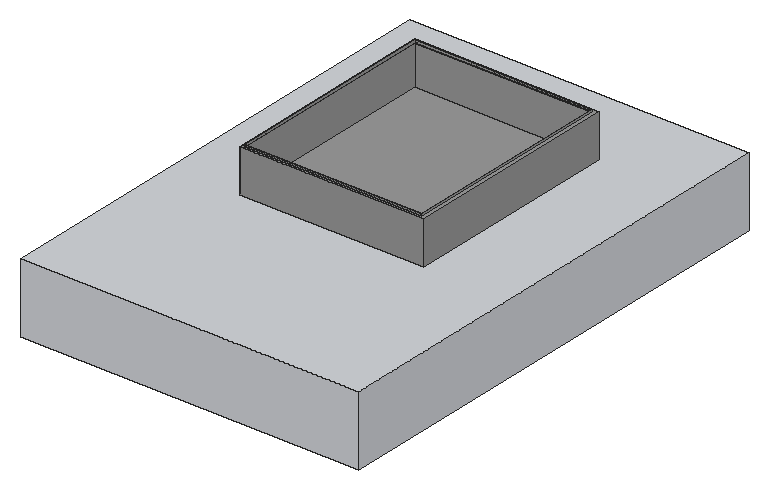
Revit family "Hager-Univers-IP30-D205-H950-Cl.II-Encl-CH-de", category Equipement électrique, Revit 2020
Family settings
  Hôte = Face
  Configuration du panneau = Deux colonnes, circuits au sein
  Cote de connecteur circulaire = Utiliser le diamètre
  Type d'élément = Tableau de raccordement
  Couper avec des vides une fois chargée = Non
  Partagée = Non
  Point de calcul de pièce = Non
Parameters (values of type "Aufputz IP30 B800 H950 T205  - FP63Q1S")
  Width Control [instance] = if([EF000008 - Breite] > Min Width, [EF000008 - Breite], Min Width)  # 800 mm
  Commentaires du type = [HG000003 - Bereich]  # "Univers"
  Thickness Door [instance] = if([EF009171 - Materialstärke Tür/Deckel] > 3 mm, 3 mm, [EF009171 - Materialstärke Tür/Deckel])  # 1 mm
  Seal Frame Offset [instance] = 17 mm  # constant formula
  Plinth Visibility [instance] = [HG000027 - Sockelhöhe] > 0 mm  # no
  Model = ""
  Min Width [instance] = 100 mm  # constant formula
  Min Height [instance] = 100 mm  # constant formula
  Min Depth [instance] = (2 * [EF009170 - Materialstärke Gehäuse]) + 1 mm  # 3 mm
  Internal Frame Depth [instance] = (Door System Depth * 0.5)  # 9 mm
  Height Control [instance] = if([EF000040 - Höhe] > Min Height, [EF000040 - Höhe], Min Height)  # 950 mm
  HG000027 - Sockelhöhe = 0 mm
  HG000026 - Stehend auf dem Boden = no
  HG000024 - Höhe des unteren Teils = 800 mm
  HG000023 - Gehäuse mit doppeltem Querschnitt = no
  HG000016 - 3D-Türsichtbarkeit [instance] = yes
  HG000015 - Sichtbarkeit der Türöffnung [instance] = no
  HG000014 - Tür rechts [instance] = yes
  HG000013 - Tür links [instance] = not([HG000014 - Tür rechts])  # no
  HG000012 - Türschwenkwinkel [instance] = 30.00°
  HG000010 - Asymmetrische Türen = no
  HG000009 - Doppelflügeligen Tür = no
  HG000006 - Unterputz = no
  HG000004 - Herstellerreferenz = "FP63Q1S"
  HG000003 - Bereich = "Univers"
  HG000002 - Mit tür = no
  Frame Offset Bottom [instance] = 10 mm  # constant formula
  Frame Offset [instance] = 15 mm  # constant formula
  EF015940 - Deckel mit Überdruckentlastung = no
  EF011959 - Schutzart (NEMA) = ""
  EF009554 - Anzahl der Öffnungen für Flanschplatten = 6
  Fabricant = "Hager"  # constant formula
  EF009212 - Ausführung Deckel = "EV009916 - mit Ausschnitt"
  EF009171 - Materialstärke Tür/Deckel = 1 mm
  EF009170 - Materialstärke Gehäuse = 1 mm
  EF008873 - Nennstrom (In) = 250 A
  EF007800 - Geeignet für Blitzschutz = no
  EF006306 - Mit Schloss = no
  EF006244 - Transparenter Deckel/Tür = no
  EF005474 - Schutzart (IP) = "EV006410 - IP30"
  EF004464 - Art der Tür = "EV000494 - ohne"
  EF004427 - Anzahl der Module = 216
  EF004293 - Schlagfestigkeit = "EV006813 - IK07"
  EF003532 - Geeignet für Außengebrauch = no
  EF002950 - Breite in Teilungseinheiten = 36
  EF001613 - Funktionserhalt = "EV000494 - ohne"
  EF001596 - Werkstoff des Gehäuses = "EV000179 - Stahl"
  EF001131 - Innentiefe = 130 mm
  EF001088 - Anbaumöglichkeit = yes
  EF000437 - Anzahl der Leitungseinführungen = 6
  EF000339 - Art der Abdeckung = "EV000494 - ohne"
  EF000266 - Anzahl der Reihen = 6
  EF000218 - Einbautiefe = 0 mm
  EF000118 - Mit Montageplatte = no
  EF000116 - RAL-Nummer = "9010"
  EF000049 - Tiefe = 205 mm
  EF000040 - Höhe = 950 mm
  EF000008 - Breite = 800 mm
  EF000007 - Farbe = "EV000202 - weiß"
  EF000003 - Montageart = "EV000384 - Aufputz"
  Door System Leaf Tolerance [instance] = 1.5 mm  # constant formula
  Door System Depth [instance] = 18 mm  # constant formula
  Door Height [instance] = Height Control - [HG000027 - Sockelhöhe]  # 950 mm
  Depth Control [instance] = if([EF000049 - Tiefe] > Min Depth, [EF000049 - Tiefe], Min Depth)  # 205 mm
  Default Elevation = 0 mm
  Connector Offset [instance] = Height Control / 2  # 475 mm
  Bottom Top Plate Trim [instance] = 1.5 mm  # constant formula
  Plinth height Ctrl [instance] = if([HG000027 - Sockelhöhe] > 0 mm, [HG000027 - Sockelhöhe], 12 mm)  # 12 mm
Types (5, lengths in mm): name | Width Control | HG000004 - Herstellerreferenz | EF009554 - Anzahl der Öffnungen für Flanschplatten | EF004427 - Anzahl der Module | EF002950 - Breite in Teilungseinheiten | EF000437 - Anzahl der Leitungseinführungen | EF000008 - Breite
  Aufputz IP30 B1050 H950 T205  - FP64Q1S | 1050 | "FP64Q1S" | 8 | 288 | 48 | 8 | 1050
  Aufputz IP30 B1300 H950 T205  - FP65Q1S | 1300 | "FP65Q1S" | 10 | 360 | 60 | 10 | 1300
  Aufputz IP30 B300 H950 T205  - FP61Q1S | 300 | "FP61Q1S" | 2 | 72 | 12 | 2 | 300
  Aufputz IP30 B550 H950 T205  - FP62Q1S | 550 | "FP62Q1S" | 4 | 144 | 24 | 4 | 550
  Aufputz IP30 B800 H950 T205  - FP63Q1S | 800 | "FP63Q1S" | 6 | 216 | 36 | 6 | 800
Reference planes
  plane 1 "Center (Front/Back)": y = 0
  plane 2: z = 0
  plane 3 "Center (Left/Right)": x = 0
  plane 4: z = 205
  plane 5: y = 1
  plane 6: y = 475
  plane 7: y = 0
  plane 8: y = 950
  plane 9: z = 0
  plane 10: x = -385
  plane 11: x = 385
  plane 12: x = 384
  plane 13: x = -384
  plane 14: y = 949
  plane 15: x = -383
  plane 16: x = -400
  plane 17: x = 383
  plane 18: x = 400
  plane 19: x = 399
  plane 20: x = -399
  plane 21: y = 11
  plane 22: y = 950
  plane 23: y = 934
  plane 24: z = 187
  plane 25: z = 1
  plane 26: z = 186
  plane 27: z = 204
Forms (mm)
  Extrusion 1, solid
    sketch origin (0, 0, 0) x (1, 0, 0) y (0, 1, 0)
      loop
        line (-702.964, 1305) -> (-702.964, -811.445) -> (766.763, -811.445) -> (766.763, 1305) -> (-702.964, 1305)
    from 0 to -304.8
  Extrusion 2, solid, material "Hager_Steel_RAL7035_Light_Grey", visible <- "Plinth Visibility", detail levels medium+fine
    sketch origin (0, 0, 0) x (1, 0, 0) y (0, 1, 0)
      loop
        line (-400, 0) -> (400, 0) -> (400, 12) -> (-400, 12) -> (-400, 0)
    from 0 to 187
  Extrusion 3, solid, material "Hager_Steel_RAL7035_Light_Grey", detail levels medium+fine
    sketch origin (0, 0, 0) x (1, 0, 0) y (0, 1, 0)
      loop
        line (-400, 0) -> (400, 0) -> (400, 950) -> (-400, 950) -> (-400, 0)
    from 0 to 187
  Extrusion 4, void
    sketch origin (0, 0, 0) x (1, 0, 0) y (0, 1, 0)
      loop
        line (-399, 1) -> (399, 1) -> (399, 949) -> (-399, 949) -> (-399, 1)
    from 1 to 186
  Extrusion 5, void
    sketch origin (-381.607, -4572, 187) x (0, -1, 0) y (-1, 0, 0)
      loop
        line (-4583, 2.393) -> (-5506, 2.393) -> (-5506, -765.607) -> (-4583, -765.607) -> (-4583, 2.393)
    from 0 to 1 <- "EF009170 - Materialstärke Gehäuse"
  Extrusion 6, solid, material "Hager_Steel_RAL7035_Light_Grey", detail levels fine
    sketch origin (0, 0, 187) x (1, 0, 0) y (0, 1, 0)
      loop
        line (-384, 934) -> (-384, 11) -> (384, 11) -> (384, 934) -> (-384, 934)
      loop
        line (-385, 10) -> (385, 10) -> (385, 935) -> (-385, 935) -> (-385, 10)
    from 0 to 9 <- "Internal Frame Depth"
  Extrusion 7, solid, material "Hager_Steel_RAL7035_Light_Grey", detail levels coarse
    sketch origin (0, 0, 0) x (1, 0, 0) y (0, 1, 0)
      loop
        line (-400, 0) -> (400, 0) -> (400, 950) -> (-400, 950) -> (-400, 0)
    from 0 to 205
  Sweep 8, void
    path in 3D
      loop
        line (-400, 12, 0) -> (400, 12, 0) -> (400, 12, 187) -> (-400, 12, 187) -> (-400, 12, 0)
    profile origin (-400, 12, 93.5) x (-1, 0, 0) y (0, -1, 0)
      loop
        line (0, 0) -> (0, 1.5) -> (-1.5, 1.5)
        arc (-1.5, 1.5) -> (-1.061, 0.439) -> (0, 0) r 1.5
Cuts and joins
  Extrusion 4, Extrusion 5 cuts Extrusion 3
  Sweep 8 cuts Extrusion 2
Lines and regions (mm)
  Masking region 1
    outline origin (0, 0, 0) x (1, 0, 0) y (0, 0, 1)
      loop
        line (-400, 205) -> (-400, 0) -> (400, 0) -> (400, 205) -> (-400, 205)
  Masking region 2, detail levels medium+fine
    outline origin (0, 140, 0) x (0, 1, 0) y (0, 0, 1)
      loop
        line (-140, 0) -> (810, 0) -> (810, 187) -> (-140, 187) -> (-140, 0)
  Masking region 3, not visible, detail levels medium+fine
    outline origin (0, 297.922, 0) x (0, 1, 0) y (0, 0, 1)
      loop
        line (188.578, 0) -> (228.578, 0) -> (228.578, 194)
        arc (228.578, 194) -> (225.649, 201.071) -> (218.578, 204) r 10
        line (218.578, 204) -> (188.578, 204) -> (188.578, 0)
  Masking region 4, detail levels coarse
    outline origin (0, 0, 180) x (0, 1, 0) y (0, 0, 1)
      loop
        line (0, -180) -> (950, -180) -> (950, 25) -> (0, 25) -> (0, -180)
  Masking region 5, visible <- "Plinth Visibility", detail levels medium+fine
    outline origin (0, 52.24, 12.345) x (0, 0, -1) y (0, 1, 0)
      loop
        line (10.845, -40.24) -> (-173.155, -40.24)
        arc (-173.155, -40.24) -> (-173.594, -41.301) -> (-174.655, -41.74) r 1.5
        line (-174.655, -41.74) -> (-174.655, -52.24) -> (12.345, -52.24) -> (12.345, -41.74)
        arc (12.345, -41.74) -> (11.285, -41.301) -> (10.845, -40.24) r 1.5
  Masking region 6, detail levels medium+fine
    outline origin (-381.607, -4572, 187) x (-1, 0, 0) y (0, -1, 0)
      loop
        line (18.393, -5522) -> (18.393, -4572) -> (-781.607, -4572) -> (-781.607, -5522) -> (18.393, -5522)
  Masking region 7, visible <- "Plinth Visibility", detail levels medium+fine
    outline origin (-381.607, -4727, 187) x (-1, 0, 0) y (0, -1, 0)
      loop
        arc (16.893, -4739) -> (17.332, -4737.939) -> (18.393, -4737.5) r 1.5
        line (18.393, -4737.5) -> (18.393, -4727) -> (-781.607, -4727) -> (-781.607, -4737.5)
        arc (-781.607, -4737.5) -> (-780.546, -4737.939) -> (-780.107, -4739) r 1.5
        line (-780.107, -4739) -> (16.893, -4739)
  Masking region 8, detail levels coarse
    outline origin (-442.548, -4669.526, 187) x (-1, 0, 0) y (0, -1, 0)
      loop
        line (-42.548, -5619.526) -> (-42.548, -4669.526) -> (-842.548, -4669.526) -> (-842.548, -5619.526) -> (-42.548, -5619.526)
  sketch lines
    curve 1: line (-400, 12, 187) -> (-400, 12, 0)
    curve 2: line (400, 12, 187) -> (-400, 12, 187)
    curve 3: line (400, 12, 187) -> (400, 12, 0)
    curve 4: line (-400, 12, 0) -> (400, 12, 0)
Dimensions and locks
  "Depth Control": plane 4 to Extrusion 1
  "HG000027 - Sockelhöhe": plane 1 "Center (Front/Back)" to plane 7
  "EF009170 - Materialstärke Gehäuse": plane 5 to plane 7
  locked: connector elem to plane 3 "Center (Left/Right)"
  equal spacing: plane 8, plane 6, plane 7
  locked: connector elem to plane 6
  "EF009170 - Materialstärke Gehäuse": plane 8 to plane 14
  "EF009170 - Materialstärke Gehäuse": plane 10 to plane 13
  "EF009170 - Materialstärke Gehäuse": plane 12 to plane 11
  "Frame Offset": plane 20 to plane 13
  "Frame Offset": plane 12 to plane 19
  "EF009170 - Materialstärke Gehäuse": plane 16 to plane 20
  "EF009170 - Materialstärke Gehäuse": plane 19 to plane 18
  "Seal Frame Offset": plane 16 to plane 15
  "Seal Frame Offset": plane 17 to plane 18
  "Frame Offset Bottom": plane 21 to plane 5
  "Frame Offset": plane 14 to plane 23
  equal spacing: plane 16, plane 3 "Center (Left/Right)", plane 18
  "Width Control": plane 16 to plane 18
  "EF009170 - Materialstärke Gehäuse": plane 4 to plane 27
  "EF009170 - Materialstärke Gehäuse": plane 24 to plane 26
  "EF009170 - Materialstärke Gehäuse": plane 25 to level
  "Door System Depth": plane 4 to plane 24
  "Height Control": plane 1 "Center (Front/Back)" to Extrusion 7 sketch curve
  "Height Control": Masking region 4 sketch curve to plane 1 "Center (Front/Back)"
  "Height Control": plane 1 "Center (Front/Back)" to plane 22
  "Bottom Top Plate Trim": profile plane to Sweep 8 sketch curve
  "Bottom Top Plate Trim": Sweep 8 sketch curve to profile plane
  "Plinth height Ctrl": plane 1 "Center (Front/Back)" to Extrusion 2 sketch curve
  "Plinth height Ctrl": Masking region 5 sketch curve to plane 1 "Center (Front/Back)"
  "Plinth height Ctrl": plane 1 "Center (Front/Back)" to Masking region 7 sketch curve
  "Thickness Door": Extrusion 6 sketch curve to Extrusion 6 sketch curve  (x3)
  "Thickness Door": cut or joined group of Extrusion 3, Extrusion 4, Extrusion 5 to Extrusion 6 sketch curve
  radius of Masking region 3 sketch curve = 10 mm
  "Bottom Top Plate Trim": radius of Masking region 5 sketch curve  (x2)
  "Bottom Top Plate Trim": radius of Sweep 8 sketch curve
  "Bottom Top Plate Trim": radius of Masking region 7 sketch curve  (x2)
  aligned and locked: plane 2 to Extrusion 1
  aligned and locked: level to Extrusion 1
  aligned and locked: level to Masking region 1 sketch curve
  aligned and locked: Masking region 1 sketch curve to plane 18
  aligned and locked: Masking region 1 sketch curve to plane 16
  aligned and locked: plane 7 to Masking region 2 sketch curve
  aligned and locked: level to Masking region 3 sketch curve
  aligned and locked: Masking region 3 sketch curve to plane 27
  aligned and locked: level to Masking region 2 sketch curve
  aligned and locked: plane 1 "Center (Front/Back)" to Extrusion 2 sketch curve
  aligned and locked: Extrusion 3 sketch curve to plane 7
  aligned and locked: plane 16 to Extrusion 3 sketch curve
  aligned and locked: plane 18 to Extrusion 3 sketch curve
  aligned and locked: plane 20 to Extrusion 4 sketch curve
  aligned and locked: plane 19 to Extrusion 4 sketch curve
  aligned and locked: Extrusion 4 sketch curve to plane 5
  aligned and locked: Extrusion 4 to plane 25
  aligned and locked: plane 26 to Extrusion 4
  aligned and locked: plane 24 to Extrusion 3
  aligned and locked: Extrusion 5 sketch curve to plane 21
  aligned and locked: Extrusion 5 sketch curve to plane 13
  aligned and locked: Extrusion 5 sketch curve to plane 12
  aligned and locked: plane 18 to Extrusion 7 sketch curve
  aligned and locked: plane 1 "Center (Front/Back)" to Extrusion 7 sketch curve
  aligned and locked: plane 16 to Extrusion 7 sketch curve
  aligned and locked: plane 4 to Extrusion 7
  aligned and locked: Extrusion 7 to level
  aligned and locked: level to Masking region 4 sketch curve
  aligned and locked: Masking region 4 sketch curve to plane 1 "Center (Front/Back)"
  aligned and locked: Masking region 4 sketch curve to plane 4
  aligned and locked: nested 1 to level
  aligned and locked: nested 1 to plane 16
  aligned and locked: plane 8 to Extrusion 3 sketch curve
  aligned and locked: plane 23 to Extrusion 5 sketch curve
  aligned and locked: plane 14 to Extrusion 4 sketch curve
  aligned and locked: Masking region 2 sketch curve to plane 8
  aligned and locked: level to Masking region 5 sketch curve
  aligned and locked: plane 16 to Extrusion 2 sketch curve
  aligned and locked: plane 18 to Extrusion 2 sketch curve
  aligned and locked: Masking region 5 sketch curve to plane 24
  aligned and locked: Masking region 2 sketch curve to plane 24
  aligned and locked: plane 24 to Extrusion 2
  aligned and locked: profile plane to Sweep 8 sketch curve  (x2)
  aligned and locked: Masking region 6 sketch curve to plane 18
  aligned and locked: Masking region 6 sketch curve to plane 22
  aligned and locked: Masking region 6 sketch curve to plane 16
  aligned and locked: plane 8 to plane 22
  aligned and locked: Masking region 6 sketch curve to plane 7
  aligned and locked: Masking region 7 sketch curve to plane 16
  aligned and locked: Masking region 7 sketch curve to plane 1 "Center (Front/Back)"
  aligned and locked: Masking region 7 sketch curve to plane 18
  aligned and locked: Masking region 8 sketch curve to plane 1 "Center (Front/Back)"
  aligned and locked: Masking region 8 sketch curve to plane 18
  aligned and locked: Masking region 8 sketch curve to plane 22
  aligned and locked: Masking region 8 sketch curve to plane 16
  aligned and locked: nested 2 to plane 7
  aligned and locked: plane 3 "Center (Left/Right)" to nested 2
  aligned and locked: nested 2 to plane 24
  aligned and locked: Extrusion 6 sketch curve to cut or joined group of Extrusion 3, Extrusion 4, Extrusion 5  (x4)
Automatic sketch dimensions
  Extrusion 1 sketch curve to Extrusion 1 sketch curve = 1469.727 mm
  Extrusion 1 sketch curve to Extrusion 1 sketch curve = 2116.445 mm
  Masking region 1 sketch curve to plane 4 = 0 mm
  plane 6 to Masking region 3 sketch curve = 11.5 mm
  Masking region 3 sketch curve to Masking region 3 sketch curve = 30 mm
  Masking region 5 sketch curve to plane 1 "Center (Front/Back)" = 0 mm
Nested families
  nested 1: "Hager_Enclosure_Symbol" at (-400, 0, 0) x (1, 0, 0) z (0, -1, 0), Height <- "Depth Control", Width <- "Width Control", type "Hager_Enclosure_Symbol"
    with Width_Ctrl 800 mm, Width 800 mm, Height_Ctrl 205 mm, Height 205 mm, A_Width_Int 13.453 mm, A_Width 161.438 mm, A_Height_Ctrl 179.375 mm, A_Height 179.375 mm
  nested 2: "EC000058_Univers_Door" at (0, 0, 187) x (1, 0, 0) z (0, 1, 0), Leaf_Tolerance <- "Door System Leaf Tolerance", Angle <- "HG000012 - Türschwenkwinkel", Door_Depth <- "Door System Depth", Door_Left <- "HG000013 - Tür links", Transparent <- "EF006244 - Transparenter Deckel/Tür", Assymetrical <- "HG000010 - Asymmetrische Türen", Width <- "Width Control", Clearance <- "HG000015 - Sichtbarkeit der Türöffnung", Double <- "HG000009 - Doppelflügeligen Tür", 3d_Door <- "HG000016 - 3D-Türsichtbarkeit", Lock_Visibility <- "EF006306 - Mit Schloss", Width_Ctrl <- "Width Control", Door_Right <- "HG000014 - Tür rechts", Door <- "HG000002 - Mit tür", Height <- "Door Height", Thickness <- "Thickness Door", type "EC000058_Univers_Door", detail levels medium+fine
    with min_wh 3 mm, Width_Ctrl 800 mm, Width 800 mm, Transparent no, Thickness 1 mm, Seal_Material Hager_Rubber, Lock_Visibility no, Lock_Material Hager_Plastic_RAL9005_Jet_Black, Leaf_Width 800 mm, Leaf_Tolerance_External_Sides 0 mm, Leaf_Tolerance 1.5 mm, Leaf_Offset 0 mm, Leaf_Height 947 mm, Leaf_2_Width 800 mm, Leaf_2_Offset 400 mm, Leaf_1_Width 800 mm, Leaf_1_Offset 400 mm, Height_Ctrl 950 mm, Height 950 mm, Glass_Material Hager_Glass, Double_Clearance_Ctrl no, Double no, Door_Right_Ctrl no, Door_Right yes, Door_Material Hager_Steel_RAL7035_Light_Grey, Door_Left_Ctrl no, Door_Left no, Door_Depth 18 mm, Door no, Clearance_Material Hager_Clearance, Clearance_Depth 800 mm, Clearance_Ctrl no, Clearance no, Assymetrical no, Angle 30.00°, 3d_Door yes
Connectors
  electrical at (0, 475, 0)
    settings: on plane 9, index 1, voltage 0 V, apparent load 0 VA, apparent load phase1 0 VA, apparent load phase2 0 VA, apparent load phase3 0 VA, power factor 1, load classification "Other", number of poles 1, system type 30, power factor state 1, is connector primary yes, connector utility no, sub classification motor no, connector description ""
Definition of nested family "Hager_Enclosure_Symbol"
  Parameters (values of type "Hager_Enclosure_Symbol")
    Width_Ctrl [instance] = if(Width > 1 mm, Width, 1 mm)  # 102.27 mm
    Width [instance] = 102.27 mm
    Height_Ctrl [instance] = if(Height > 1 mm, Height, 1 mm)  # 66.5 mm
    A_Width_Int [instance] = if(A_Width / 12 > 2 mm, A_Width / 12, 2 mm)  # 4.364 mm
    A_Width [instance] = if(A_Height_Ctrl * 0.9 > 2 mm, A_Height_Ctrl * 0.9, 2 mm)  # 52.369 mm
    A_Height_Ctrl [instance] = if(A_Height > 2 mm, A_Height, 2 mm)  # 58.188 mm
    Height [instance] = 66.5 mm
    A_Height [instance] = Height - (Height / 8)  # 58.188 mm
  Reference planes
    plane 1 "Centre (avant/arrière)": y = 0
    plane 2: z = 0
    plane 3 "Centre (gauche/droite)": x = 0
    plane 4: x = 52.369
    plane 5: y = 33.042
    plane 6: y = 41.77
    plane 7: y = 66.5
    plane 8: x = 26.184
    plane 9: y = 37.406
    plane 10: x = 102.27
    plane 11: y = 66.5
    plane 12: y = 8.313
  Lines and regions (mm)
    Filled region 1, type "Solid_Black", in view "Niveau de réf."
      outline origin (0, 0, 0) x (1, 0, 0) y (0, 1, 0)
        loop
          line (52.369, 66.5) -> (33.188, 54.536) -> (45.365, 45.006) -> (52.369, 66.5)
    Filled region 2, type "Solid_Black", in view "Niveau de réf."
      outline origin (0, 0, 0) x (1, 0, 0) y (0, 1, 0)
        loop
          line (0, 0) -> (102.27, 0) -> (102.27, 66.5) -> (0, 0)
    detail lines, in view "Niveau de réf."
      curve 1: line (0, 8.313, 0) -> (26.184, 41.77, 0)
      curve 2: line (26.184, 41.77, 0) -> (26.184, 33.042, 0)
      curve 3: line (26.184, 33.042, 0) -> (52.369, 66.5, 0)
  Dimensions and locks
    "A_Width": plane 3 "Centre (gauche/droite)" to plane 4
    equal spacing: plane 3 "Centre (gauche/droite)", plane 8, plane 4
    equal spacing: plane 6, plane 9, plane 5
    equal spacing: curve 3, Filled region 1 sketch curve, Filled region 1 sketch curve
    "Height_Ctrl": plane 1 "Centre (avant/arrière)" to plane 11
    "A_Height_Ctrl": plane 11 to plane 12
    equal spacing: plane 11, plane 9, plane 12
    "A_Width_Int": plane 6 to plane 9
    "Width_Ctrl": plane 3 "Centre (gauche/droite)" to plane 10
    angle Filled region 1 sketch curve to curve 3 = 20.00°
    angle curve 3 to Filled region 1 sketch curve = 20.00°
    locked: curve 3 to Filled region 1 sketch curve (angle 90.00°)
    aligned and locked: plane 10 to Filled region 2
    aligned and locked: plane 11 to Filled region 2 sketch curve
    aligned and locked: plane 10 to Filled region 2 sketch curve
    aligned and locked: plane 3 "Centre (gauche/droite)" to curve 1
    aligned and locked: plane 12 to curve 1
    aligned and locked: plane 7 to plane 11
  Automatic sketch dimensions
    Filled region 1 sketch curve to plane 4 = 0 mm
    Filled region 1 sketch curve to plane 7 = 0 mm
    plane 1 "Centre (avant/arrière)" to Filled region 2 sketch curve = 0 mm
    Filled region 2 sketch curve to plane 3 "Centre (gauche/droite)" = 0 mm
    curve 2 to plane 6 = 0 mm
    curve 2 to plane 8 = 0 mm
    curve 3 to plane 4 = 0 mm
    curve 2 to plane 5 = 0 mm
    curve 3 to plane 7 = 0 mm
Definition of nested family "EC000058_Univers_Door"
  Parameters (values of type "EC000058_Univers_Door")
    min_wh [instance] = (2 * Thickness) + 1 mm  # 11 mm
    Width_Ctrl [instance] = 400 mm
    Width [instance] = 500 mm
    Transparent [instance] = yes
    Thickness [instance] = 5 mm
    Seal_Material [instance] = none
    Lock_Visibility [instance] = yes
    Lock_Material [instance] = none
    Leaf_Width [instance] = if((Width_Ctrl - 2 * Leaf_Tolerance_External_Sides) > 0 mm, (Width_Ctrl - 2 * Leaf_Tolerance_External_Sides), min_wh)  # 400 mm
    Leaf_Tolerance_External_Sides [instance] = 0 mm  # constant formula
    Leaf_Tolerance [instance] = 1.5 mm
    Leaf_Offset [instance] = 0 mm  # constant formula
    Leaf_Height [instance] = if((Height_Ctrl - 2 * Leaf_Tolerance) > 0 mm, (Height_Ctrl - 2 * Leaf_Tolerance), min_wh)  # 497 mm
    Leaf_2_Width [instance] = if(and(and(Double, Assymetrical), Door_Left), (Leaf_Width / 3) - (Leaf_Tolerance / 2), if(and(and(Double, Assymetrical), Door_Right), (Leaf_Width / 3) * 2 - (Leaf_Tolerance / 2), if(and(Double, not(Assymetrical)), (Leaf_Width / 2) - Leaf_Tolerance, Leaf_Width)))  # 400 mm
    Leaf_2_Offset [instance] = if(and(Double, Assymetrical), Leaf_2_Width / 2, if(and(Double, not(Assymetrical)), Leaf_Width / 4, Leaf_Width / 2))  # 200 mm
    Leaf_1_Width [instance] = if(and(and(Double, Assymetrical), Door_Right), (Leaf_Width / 3) - (Leaf_Tolerance / 2), if(and(and(Double, Assymetrical), Door_Left), (Width / 3) * 2 - (Leaf_Tolerance / 2), if(and(Double, not(Assymetrical)), (Leaf_Width / 2) - Leaf_Tolerance, Leaf_Width)))  # 400 mm
    Leaf_1_Offset [instance] = if(and(Double, Assymetrical), Leaf_1_Width / 2, if(and(Double, not(Assymetrical)), Leaf_Width / 4, Leaf_Width / 2))  # 200 mm
    Height_Ctrl [instance] = if(Height > min_wh, Height, min_wh)  # 500 mm
    Height [instance] = 500 mm
    Glass_Material [instance] = none
    Double_Clearance_Ctrl [instance] = and(Double, Clearance)  # no
    Double [instance] = no
    Door_Right_Ctrl [instance] = and(or(Door_Right, Double), Door)  # yes
    Door_Right [instance] = yes
    Door_Material [instance] = none
    Door_Left_Ctrl [instance] = and(or(Door_Left, Double), Door)  # no
    Door_Left [instance] = no
    Door_Depth [instance] = 30 mm
    Door [instance] = yes
    Default Elevation = 1219.2 mm
    Clearance_Material [instance] = none
    Clearance_Depth [instance] = if(Leaf_1_Width > Leaf_2_Width, Leaf_1_Width, Leaf_2_Width)  # 400 mm
    Clearance_Ctrl [instance] = and(not(Double), Clearance)  # yes
    Clearance [instance] = yes
    Assymetrical [instance] = yes
    Angle [instance] = 30.00°
    3d_Door [instance] = yes
  Reference planes
    plane 1 "Center (Front/Back)": y = 0
    plane 2 "Bottom": z = 0
    plane 3 "Center (Left/Right)": x = 0
    plane 4: z = 500
    plane 5: x = -200
    plane 6: x = 200
    plane 7: z = 500
    plane 8: x = -200
    plane 9: z = 0
    plane 10: x = 200
    plane 11: y = 0
    plane 12: z = 1.5
    plane 13: x = -600
    plane 14: y = -400
    plane 15: x = 600
    plane 16: x = 0
    plane 17: x = 0
    plane 18: x = -200
    plane 19: x = 200
    plane 20: z = 498.5
  Forms (mm)
    Extrusion 1, solid, material <- "Clearance_Material", visible <- "Double_Clearance_Ctrl"
      sketch origin (1200, 0, 0) x (1, 0, 0) y (0, 0, -1)
        loop
          line (-1800, -498.5) -> (-600, -498.5) -> (-600, 0) -> (-1800, 0) -> (-1800, -498.5)
      from 0 to -400
  Dimensions and locks
    equal spacing: plane 5, plane 3 "Center (Left/Right)", plane 6
    "Width_Ctrl": plane 5 to plane 6
    "Leaf_Offset": plane 5 to plane 8
    "Leaf_Offset": plane 6 to plane 10
    "Leaf_Offset": plane 9 to level
    "Leaf_Offset": plane 4 to plane 7
    "Height_Ctrl": plane 4 to level
    "Leaf_Tolerance": plane 12 to plane 9
    locked: plane 11 to plane 1 "Center (Front/Back)"
    "Leaf_1_Offset": plane 18 to plane 16
    "Leaf_2_Offset": plane 17 to plane 19
    "Leaf_1_Width": plane 13 to plane 8
    "Leaf_2_Width": plane 10 to plane 15
    "Clearance_Depth": plane 14 to plane 1 "Center (Front/Back)"
    "Leaf_Tolerance_External_Sides": plane 8 to plane 18
    "Leaf_Tolerance_External_Sides": plane 19 to plane 10
    "Leaf_Tolerance": plane 7 to plane 20
    aligned and locked: level to plane 2 "Bottom"
    aligned and locked: nested 1 to plane 16
    aligned and locked: nested 2 to plane 17
    aligned and locked: Extrusion 1 to plane 13
    aligned and locked: plane 15 to Extrusion 1
    aligned and locked: Extrusion 1 to plane 14
    aligned and locked: plane 12 to nested 1
    aligned and locked: nested 2 to plane 12
    aligned and locked: Extrusion 1 to plane 11
    aligned and locked: plane 20 to Extrusion 1
    aligned and locked: nested 2 to plane 11
    aligned and locked: nested 1 to plane 11
  Automatic sketch dimensions
    Extrusion 1 sketch curve to level = 0 mm
    plane 5 to Extrusion 1 sketch curve = 400 mm
    plane 6 to Extrusion 1 sketch curve = 400 mm
    Extrusion 1 sketch curve to plane 4 = 1.5 mm
  Nested families
    nested 1: "EC000058_Univers_Door_Leaf" at (0, 0, 1.5), Width <- "Leaf_1_Width", visible <- "Door_Left_Ctrl", Leaf_Height <- "Leaf_Height", Angle <- "Angle", 3d_Door <- "3d_Door", Transparent <- "Transparent", Clearance Material <- "Clearance_Material", Clearance <- "Clearance_Ctrl", Door_Material <- "Door_Material", Glass_Material <- "Glass_Material", Door_Depth <- "Door_Depth", Lock_Material <- "Lock_Material", Seal_Material <- "Seal_Material", Lock_Visibility <- "Lock_Visibility", Thickness <- "Thickness", type "EC000058_Univers_Door_Leaf"
      with Width 400 mm, Transparent_Glass_Offset 30 mm, Transparent_Ctrl yes, Transparent yes, Thickness 5 mm, Standard no, Seal_Material none, Seal_D2 8 mm, Seal_D1 1 mm, Offset_Internal_Frame 10 mm, Lock_Width 20 mm, Lock_Visibility_3d yes, Lock_Visibility yes, Lock_Thickness_3 3 mm, Lock_Thickness_2 1 mm, Lock_Thickness_1 3 mm, Lock_Radius_Offset_2 16 mm, Lock_Radius_Offset_1 15 mm, Lock_Radius_2 5 mm, Lock_Radius 6 mm, Lock_Offset 5 mm, Lock_Material none, Lock_Height 80 mm, Lock_Cover_Top_Offset_2d 17 mm, Lock_Cover_Height -65 mm, Leaf_Height 497 mm, Internal_Seal_Thickness 8 mm, Internal_Seal_Depth_2 4.5 mm, Internal_Frame_Depth 25 mm, Glass_Thickness -1 mm, Glass_Offset -2 mm, Glass_Material none, Door_Material none, Door_Depth 30 mm, Clearance Material none, Clearance yes, Angle_Ctrl 30.00°, Angle 30.00°, 3d_Door yes
    nested 2: "EC000058_Univers_Door_Leaf" at (0, 0, 1.5) x (-1, 0, 0) z (0, 0, 1), Width <- "Leaf_2_Width", visible <- "Door_Right_Ctrl", Leaf_Height <- "Leaf_Height", Angle <- "Angle", 3d_Door <- "3d_Door", Transparent <- "Transparent", Clearance Material <- "Clearance_Material", Clearance <- "Clearance_Ctrl", Door_Material <- "Door_Material", Glass_Material <- "Glass_Material", Door_Depth <- "Door_Depth", Lock_Material <- "Lock_Material", Seal_Material <- "Seal_Material", Lock_Visibility <- "Lock_Visibility", Thickness <- "Thickness", type "EC000058_Univers_Door_Leaf"
      with Width 400 mm, Transparent_Glass_Offset 30 mm, Transparent_Ctrl yes, Transparent yes, Thickness 5 mm, Standard no, Seal_Material none, Seal_D2 8 mm, Seal_D1 1 mm, Offset_Internal_Frame 10 mm, Lock_Width 20 mm, Lock_Visibility_3d yes, Lock_Visibility yes, Lock_Thickness_3 3 mm, Lock_Thickness_2 1 mm, Lock_Thickness_1 3 mm, Lock_Radius_Offset_2 16 mm, Lock_Radius_Offset_1 15 mm, Lock_Radius_2 5 mm, Lock_Radius 6 mm, Lock_Offset 5 mm, Lock_Material none, Lock_Height 80 mm, Lock_Cover_Top_Offset_2d 17 mm, Lock_Cover_Height -65 mm, Leaf_Height 497 mm, Internal_Seal_Thickness 8 mm, Internal_Seal_Depth_2 4.5 mm, Internal_Frame_Depth 25 mm, Glass_Thickness -1 mm, Glass_Offset -2 mm, Glass_Material none, Door_Material none, Door_Depth 30 mm, Clearance Material none, Clearance yes, Angle_Ctrl 30.00°, Angle 30.00°, 3d_Door yes
  Definition of nested family "EC000058_Univers_Door_Leaf"
    Parameters (values of type "EC000058_Univers_Door_Leaf")
      Width [instance] = 2000 mm
      Transparent_Glass_Offset [instance] = 30 mm
      Transparent_Ctrl [instance] = and(Transparent, [3d_Door])  # yes
      Transparent [instance] = yes
      Thickness [instance] = 5 mm
      Standard [instance] = and(not(Transparent), [3d_Door])  # no
      Seal_Material [instance] = none
      Seal_D2 [instance] = 8 mm  # constant formula
      Seal_D1 [instance] = 1 mm  # constant formula
      Offset_Internal_Frame [instance] = 10 mm  # constant formula
      Lock_Width [instance] = 20 mm  # constant formula
      Lock_Visibility_3d [instance] = and(Lock_Visibility, [3d_Door])  # yes
      Lock_Visibility [instance] = yes
      Lock_Thickness_3 [instance] = 3 mm  # constant formula
      Lock_Thickness_2 [instance] = 1 mm  # constant formula
      Lock_Thickness_1 [instance] = 3 mm  # constant formula
      Lock_Radius_Offset_2 [instance] = Lock_Radius_Offset_1 + 1 mm  # 16 mm
      Lock_Radius_Offset_1 [instance] = 15 mm  # constant formula
      Lock_Radius_2 [instance] = Lock_Radius - 1 mm  # 5 mm
      Lock_Radius [instance] = 6 mm  # constant formula
      Lock_Offset [instance] = 5 mm  # constant formula
      Lock_Material [instance] = none
      Lock_Height [instance] = 80 mm  # constant formula
      Lock_Cover_Top_Offset_2d [instance] = Lock_Radius_Offset_2 + 1 mm  # 17 mm
      Lock_Cover_Height [instance] = -(Lock_Height - Lock_Radius_Offset_1)  # -65 mm
      Leaf_Height [instance] = 2720.336 mm
      Internal_Seal_Thickness [instance] = 8 mm  # constant formula
      Internal_Seal_Depth_2 [instance] = 4.5 mm  # constant formula
      Internal_Frame_Depth [instance] = if(Door_Depth - Thickness > 5 mm, Door_Depth - Thickness, 5 mm)  # 25 mm
      Glass_Thickness [instance] = if(Thickness > 15 mm, Glass_Offset + 10 mm, -1 mm)  # -1 mm
      Glass_Offset [instance] = if(Thickness > 15 mm, -(Thickness + 10 mm) / 2, -2 mm)  # -2 mm
      Glass_Material [instance] = none
      Door_Material [instance] = none
      Door_Depth [instance] = 30 mm
      Default Elevation = 0 mm
      Clearance Material [instance] = none
      Clearance [instance] = yes
      Angle_Ctrl [instance] = if(Angle > 180.00°, 180.00°, Angle)  # 90.00°
      Angle [instance] = 90.00°
      3d_Door [instance] = yes
    Reference planes
      plane 1 "Center (Front/Back)": y = 0
      plane 2: z = 0
      plane 3 "Center (Left/Right)": x = 0
      plane 4: y = 2000
      plane 5: x = -1000
      plane 6: x = 1000
      plane 7: x = -3000
      plane 8: z = 2720.336
      plane 9: z = 30
      plane 10: z = 2690.336
      plane 11: x = 970
      plane 12: x = -970
      plane 13: y = -3
      plane 14: z = 107.833
      plane 15: y = -5
      plane 16: y = -223.314
      plane 17: x = -1000
      plane 18: z = 1360.168
      plane 19: y = 30
    Forms (mm)
      Extrusion 1, solid, material <- "Clearance Material", visible <- "Clearance"
        sketch origin (0, 0, 0) x (1, 0, 0) y (0, 0, 1)
          loop
            line (-3000, 2720.336) -> (-3000, 0) -> (1000, 0) -> (1000, 2720.336) -> (-3000, 2720.336)
        from 0 to -2000
      Extrusion 2, solid, material <- "Door_Material", visible <- "Standard", detail levels medium+fine
        sketch origin (-1000, 0, 0) x (0, 1, 0) y (-1, 0, 0)
          loop
            line (0, 30) -> (0, 25) -> (2000, 25) -> (2000, 30) -> (0, 30)
        from 0 to 2720.336 <- "Leaf_Height"
      Extrusion 3, solid, material <- "Door_Material", visible <- "Transparent_Ctrl", detail levels medium+fine
        sketch origin (-1000, 0, 0) x (0, 1, 0) y (-1, 0, 0)
          loop
            line (0, 25) -> (2000, 25) -> (2000, 30) -> (0, 30) -> (0, 25)
        from 0 to 2720.336 <- "Leaf_Height"
      Extrusion 4, void
        sketch origin (-1025, 2000, 0) x (0, 1, 0) y (0, 0, -1)
          loop
            line (-30, -2690.336) -> (-30, -30) -> (-1970, -30) -> (-1970, -2690.336) -> (-30, -2690.336)
        from 0 to 5 <- "Thickness"
      Sweep 5, solid, material <- "Seal_Material", visible <- "Transparent_Ctrl", detail levels fine
        path in 3D
          loop
            line (-1025, 30, 30) -> (-1025, 30, 2690.336) -> (-1025, 1970, 2690.336) -> (-1025, 1970, 30) -> (-1025, 30, 30)
        profile origin (-1025, 1000, 30) x (1, 0, 0) y (0, 0, 1)
          loop
            line (0, 0) -> (0, -8) -> (1, -8) -> (1, 0) -> (0, 0)
      Extrusion 6, solid, material <- "Glass_Material", visible <- "Transparent_Ctrl", detail levels medium+fine
        sketch origin (-1030, 0, 0) x (0, 1, 0) y (0, 0, -1)
          loop
            line (1970, -2690.336) -> (1970, -30) -> (30, -30) -> (30, -2690.336) -> (1970, -2690.336)
        from -2 <- "Glass_Offset" to -1 <- "Glass_Thickness"
      Extrusion 7, solid, material <- "Door_Material", visible <- "3d_Door", detail levels medium+fine
        sketch origin (-1025, 2000, 0) x (0, -1, 0) y (0, 0, -1)
          loop
            line (0, -2720.336) -> (2000, -2720.336) -> (2000, 0) -> (0, 0) -> (0, -2720.336)
          loop
            line (1995, -5) -> (5, -5) -> (5, -2715.336) -> (1995, -2715.336) -> (1995, -5)
        from 0 to 25 <- "Internal_Frame_Depth"
      Sweep 8, solid, material <- "Seal_Material", visible <- "Transparent_Ctrl", detail levels fine
        path in 3D
          loop
            line (-1025, 0, 0) -> (-1025, 2000, 0) -> (-1025, 2000, 2720.336) -> (-1025, 0, 2720.336) -> (-1025, 0, 0)
        profile origin (-1025, 0, 1360.168) x (1, 0, 0) y (0, 1, 0)
          loop
            line (0, 10) -> (2.975, 10)
            arc (2.975, 10) -> (4.053, 10.447) -> (4.5, 11.525) r 1.525
            line (4.5, 11.525) -> (4.5, 16.527)
            arc (4.5, 16.527) -> (4.069, 17.569) -> (3.027, 18) r 1.473
            line (3.027, 18) -> (0, 18) -> (0, 10)
      Extrusion 9, solid, material <- "Lock_Material", visible <- "Lock_Visibility_3d", detail levels fine
        sketch origin (-1030, 0, 0) x (0, 1, 0) y (0, 0, -1)
          loop
            arc (1993.5, -1400.168) -> (1994.561, -1399.729) -> (1995, -1398.668) r 1.5
            line (1995, -1398.668) -> (1995, -1320.168) -> (1975, -1320.168) -> (1975, -1398.668)
            arc (1975, -1398.668) -> (1975.439, -1399.729) -> (1976.5, -1400.168) r 1.5
            line (1976.5, -1400.168) -> (1993.5, -1400.168)
        from 3 <- "Lock_Thickness_1" to 0
      Blend 10, solid, material <- "Lock_Material", visible <- "Lock_Visibility_3d", detail levels fine
        base sketch origin (-1033, 0, 0) x (0, 1, 0) y (0, 0, -1)
          loop
            line (1975, -1320.168) -> (1975, -1398.668)
            arc (1975, -1398.668) -> (1975.439, -1399.729) -> (1976.5, -1400.168) r 1.5
            line (1976.5, -1400.168) -> (1993.5, -1400.168)
            arc (1993.5, -1400.168) -> (1994.561, -1399.729) -> (1995, -1398.668) r 1.5
            line (1995, -1398.668) -> (1995, -1320.168) -> (1975, -1320.168)
        top sketch origin (-1033, 0, 0) x (0, 1, 0) y (0, 0, -1)
          loop
            line (1976, -1320.168) -> (1976, -1398.668)
            arc (1976, -1398.668) -> (1976.146, -1399.022) -> (1976.5, -1399.168) r 0.5
            line (1976.5, -1399.168) -> (1993.5, -1399.168)
            arc (1993.5, -1399.168) -> (1993.854, -1399.022) -> (1994, -1398.668) r 0.5
            line (1994, -1398.668) -> (1994, -1320.168) -> (1976, -1320.168)
        from 0 to 1 <- "Lock_Thickness_2"
      Blend 11, solid, material <- "Lock_Material", visible <- "Lock_Visibility_3d", detail levels fine
        base sketch origin (-1034, 0, 0) x (0, 1, 0) y (0, 0, -1)
          loop
            line (1978, -1320.168) -> (1978, -1384.168)
            arc (1978, -1384.168) -> (1985, -1391.168) -> (1992, -1384.168) r 7
            line (1992, -1384.168) -> (1992, -1320.168) -> (1978, -1320.168)
        top sketch origin (-1034, 0, 0) x (0, 1, 0) y (0, 0, -1)
          loop
            line (1991, -1320.168) -> (1979, -1320.168) -> (1979, -1383.168)
            arc (1979, -1383.168) -> (1985, -1389.168) -> (1991, -1383.168) r 6
            line (1991, -1383.168) -> (1991, -1320.168)
        from 0 to 3 <- "Lock_Thickness_3"
      Extrusion 12, solid, material <- "Lock_Material", visible <- "Lock_Visibility_3d", detail levels fine
        sketch origin (-1030, 1975, 1320.168) x (1, 0, 0) y (0, -1, 0)
          loop
            line (-7, -19) -> (-7, -1) -> (0, -1) -> (0, 0) -> (-8, 0) -> (-8, -20) -> (0, -20) -> (0, -19) -> (-7, -19)
        from 0 to -65 <- "Lock_Cover_Height"
      Extrusion 13, void
        sketch origin (-1038, 1995, 1320.168) x (-1, 0, 0) y (0, 0, -1)
          loop
            line (-5, -65) -> (0, -65) -> (-5, -60) -> (-5, -65)
        from 0 to 20 <- "Lock_Width"
      Extrusion 14, void
        sketch origin (-1038, 1975, 1320.168) x (0, -1, 0) y (0, 0, -1)
          loop
            circle (-10, -15.995) r 6
          loop
            circle (-10, -15.995) r 5
        from 0 to 2
      Extrusion 15, solid, material <- "Lock_Material", visible <- "Lock_Visibility_3d", detail levels medium
        sketch origin (-1030, 0, 0) x (0, 1, 0) y (0, 0, -1)
          loop
            arc (1993.5, -1400.168) -> (1994.561, -1399.729) -> (1995, -1398.668) r 1.5
            line (1995, -1398.668) -> (1995, -1320.168) -> (1975, -1320.168) -> (1975, -1398.668)
            arc (1975, -1398.668) -> (1975.439, -1399.729) -> (1976.5, -1400.168) r 1.5
            line (1976.5, -1400.168) -> (1993.5, -1400.168)
        from 8 to 0
    Cuts and joins
      Extrusion 4 cuts Extrusion 3
      Extrusion 13, Extrusion 14 cuts Extrusion 9
      Extrusion 14 cuts Blend 11
      Extrusion 13, Extrusion 14 cuts Extrusion 12
      joined: Extrusion 9, Blend 10, Blend 11, Extrusion 12
      Extrusion 14 cuts Extrusion 15
    Lines and regions (mm)
      Masking region 1, visible <- "Lock_Visibility", detail levels fine
        outline origin (0, 0, 0) x (0, 1, 0) y (0, 0, 1)
          loop
            line (30, 1320.168) -> (33, 1320.168) -> (33, 1400.168) -> (30, 1400.168) -> (30, 1320.168)
      Masking region 2, visible <- "Lock_Visibility", detail levels fine
        outline origin (0, 3.143, 0) x (0, 1, 0) y (0, 0, 1)
          loop
            line (29.857, 1354.168) -> (30.857, 1354.168) -> (30.857, 1366.168) -> (29.857, 1366.168) -> (29.857, 1354.168)
      Masking region 3, detail levels medium+fine
        outline origin (0, 0, 0) x (0, 1, 0) y (0, 0, 1)
          loop
            line (0, 0) -> (30, 0) -> (30, 2720.336) -> (0, 2720.336) -> (0, 0)
      Masking region 4, detail levels medium+fine
        outline origin (0, 0, 0) x (1, 0, 0) y (0, 0, 1)
          loop
            line (-1000, 2720.336) -> (-1000, 0) -> (1000, 0) -> (1000, 2720.336) -> (-1000, 2720.336)
      Masking region 5, visible <- "Lock_Visibility", detail levels fine
        outline origin (-47.116, 0, 0) x (1, 0, 0) y (0, 0, 1)
          loop
            arc (1024.616, 1399.168) -> (1023.556, 1398.729) -> (1023.116, 1397.668) r 1.5
            line (1023.116, 1397.668) -> (1023.116, 1320.168) -> (1041.116, 1320.168) -> (1041.116, 1397.668)
            arc (1041.116, 1397.668) -> (1040.677, 1398.729) -> (1039.616, 1399.168) r 1.5
            line (1039.616, 1399.168) -> (1024.616, 1399.168)
      Masking region 6, visible <- "Lock_Visibility", detail levels medium+fine
        outline origin (-25, 0, 0) x (1, 0, 0) y (0, 0, 1)
          loop
            arc (1001.5, 1400.168) -> (1000.439, 1399.729) -> (1000, 1398.668) r 1.5
            line (1000, 1398.668) -> (1000, 1320.168) -> (1020, 1320.168) -> (1020, 1398.668)
            arc (1020, 1398.668) -> (1019.561, 1399.729) -> (1018.5, 1400.168) r 1.5
            line (1018.5, 1400.168) -> (1001.5, 1400.168)
      Masking region 7, visible <- "Lock_Visibility", detail levels fine
        outline origin (-73.735, 0, 0) x (1, 0, 0) y (0, 0, 1)
          loop
            line (1051.735, 1382.168) -> (1065.735, 1382.168) -> (1065.735, 1384.168)
            arc (1065.735, 1384.168) -> (1058.735, 1391.168) -> (1051.735, 1384.168) r 7
            line (1051.735, 1384.168) -> (1051.735, 1382.168)
      Masking region 8, visible <- "Lock_Visibility", detail levels fine
        outline origin (-73.735, 0, 0) x (1, 0, 0) y (0, 0, 1)
          loop
            line (1052.735, 1382.168) -> (1064.735, 1382.168) -> (1064.735, 1383.168)
            arc (1064.735, 1383.168) -> (1058.735, 1389.168) -> (1052.735, 1383.168) r 6
            line (1052.735, 1383.168) -> (1052.735, 1382.168)
      Masking region 9, visible <- "Lock_Visibility", detail levels fine
        outline origin (-25, 0, 0) x (1, 0, 0) y (0, 0, 1)
          loop
            line (1020, 1320.168) -> (1020, 1382.168) -> (1000, 1382.168) -> (1000, 1320.168) -> (1020, 1320.168)
      Masking region 10, detail levels medium+fine
        outline origin (0, 0, 0) x (1, 0, 0) y (0, 0, 1)
          loop
            circle (985, 1335.144) r 6
      Masking region 11, detail levels fine
        outline origin (0, 0, 0) x (1, 0, 0) y (0, 0, 1)
          loop
            circle (985, 1335.144) r 5
      Masking region 12, visible <- "Lock_Visibility", detail levels fine
        outline origin (0, 12.767, 0) x (0, 1, 0) y (0, 0, 1)
          loop
            line (20.233, 1320.168) -> (21.233, 1320.168) -> (21.233, 1399.168) -> (20.233, 1400.168) -> (20.233, 1320.168)
      Masking region 13, visible <- "Lock_Visibility", detail levels fine
        outline origin (0, 13.767, -10) x (0, 1, 0) y (0, 0, 1)
          loop
            line (20.233, 1330.168) -> (23.233, 1330.168) -> (23.233, 1399.168) -> (20.233, 1402.168) -> (20.233, 1330.168)
      Masking region 14, visible <- "Lock_Visibility", detail levels fine
        outline origin (0, 12.767, -10) x (0, 1, 0) y (0, 0, 1)
          loop
            line (20.233, 1330.168) -> (25.233, 1330.168) -> (25.233, 1399.305) -> (20.233, 1394.305) -> (20.233, 1330.168)
      Masking region 15, visible <- "Lock_Visibility", detail levels medium
        outline origin (0, 0, 0) x (0, 1, 0) y (0, 0, 1)
          loop
            line (30, 1320.168) -> (38, 1320.168) -> (38, 1400.168) -> (30, 1400.168) -> (30, 1320.168)
      Masking region 16, visible <- "Lock_Visibility", detail levels fine
        outline origin (-1000, 0, 0) x (0, 1, 0) y (-1, 0, 0)
          loop
            line (1975, 30) -> (1995, 30) -> (1995, 38) -> (1975, 38) -> (1975, 30)
          loop
            line (1979, 37) -> (1976, 37) -> (1976, 34) -> (1978, 34) -> (1979, 37)
          loop
            line (1994, 37) -> (1991, 37) -> (1992, 34) -> (1994, 34) -> (1994, 37)
      Masking region 17, visible <- "Lock_Visibility", detail levels medium
        outline origin (-1000, 0, 0) x (0, 1, 0) y (-1, 0, 0)
          loop
            line (1975, 30) -> (1995, 30) -> (1995, 38) -> (1975, 38) -> (1975, 30)
      symbolic lines
        curve 1: line (1000, 0, 0) -> (-3000, 0, 0)
        curve 2: arc (1000, 0, 0) -> (-1000, 2000, 0) -> (-3000, 0, 0) r 2000
        curve 4: line (-1030, 0, 0) -> (-1030, 2000, 0)
      reference lines
        curve 3: line (-1000, 0, 0) -> (-1000, 2000, 0)
      symbolic lines, detail levels medium+fine
        curve 5: line (-1030, 2000, 0) -> (-1025, 2000, 0)
        curve 7: line (-1025, 0, 0) -> (-1030, 0, 0)
        curve 8: line (-1025, 0, 0) -> (-1000, 0, 0)
        curve 9: line (-1000, 0, 0) -> (-1000, 2000, 0)
        curve 10: line (-1000, 2000, 0) -> (-1025, 2000, 0)
      symbolic lines, detail levels fine
        curve 6: line (-1025, 2000, 0) -> (-1025, 0, 0)
      sketch lines
        curve 11: line (-1025, 0, 2720.336) -> (-1025, 0, 0)
        curve 12: line (-1025, 2000, 0) -> (-1025, 0, 0)
        curve 13: line (-1025, 2000, 2720.336) -> (-1025, 2000, 0)
        curve 14: line (-1025, 0, 2720.336) -> (-1025, 2000, 2720.336)
        curve 15: line (-1025, 1970, 30) -> (-1025, 30, 30)
        curve 16: line (-1025, 30, 30) -> (-1025, 30, 2690.336)
        curve 17: line (-1025, 1970, 2690.336) -> (-1025, 1970, 30)
        curve 18: line (-1025, 30, 2690.336) -> (-1025, 1970, 2690.336)
      symbolic lines, visible <- "Transparent", detail levels medium+fine
        curve 19: line (-970, 0, 2690.336) -> (970, 0, 2690.336)
        curve 20: line (-970, 0, 30) -> (-970, 0, 2690.336)
        curve 21: line (970, 0, 30) -> (-970, 0, 30)
        curve 22: line (970, 0, 2690.336) -> (970, 0, 30)
    Dimensions and locks
      "Width": plane 1 "Center (Front/Back)" to plane 4
      equal spacing: plane 5, plane 3 "Center (Left/Right)", plane 6
      "Width": plane 5 to plane 6
      "Width": plane 7 to plane 5
      "Leaf_Height": plane 8 to level
      "Width": curve 5 to curve 3
      "Width": curve 3 to curve 3
      plane 8 to plane 10 = 30 mm
      plane 9 to level = 30 mm
      plane 12 to plane 5 = 30 mm
      plane 6 to plane 11 = 30 mm
      Extrusion 1 to Extrusion 4 sketch curve = 30 mm
      "Transparent_Glass_Offset": curve 3 to Extrusion 4 sketch curve
      "Transparent_Glass_Offset": Extrusion 4 sketch curve to cut or joined group of Extrusion 3, Extrusion 4  (x2)
      cut or joined group of Extrusion 3, Extrusion 4 to Extrusion 6 sketch curve = 30 mm
      "Transparent_Glass_Offset": cut or joined group of Extrusion 3, Extrusion 4 to Extrusion 4 sketch curve
      "Thickness": curve 6 to curve 4
      "Thickness": Extrusion 7 sketch curve to Extrusion 7 sketch curve  (x4)
      "Door_Depth": curve 4 to curve 3
      "Offset_Internal_Frame": profile plane to Sweep 8 sketch curve
      "Internal_Seal_Thickness": Sweep 8 sketch curve to Sweep 8 sketch curve
      "Internal_Seal_Depth_2": profile plane to Sweep 8 sketch curve
      "Seal_D1": profile plane to Sweep 5 sketch curve
      "Seal_D2": profile plane to Sweep 5 sketch curve
      "Thickness": Extrusion 2 sketch curve to Extrusion 2 sketch curve
      equal spacing: Extrusion 9 sketch curve, plane 18, Extrusion 9 sketch curve  (x2)
      equal spacing: Masking region 1 sketch curve, plane 18, Masking region 1 sketch curve
      "Lock_Height": Masking region 1 sketch curve to Masking region 1 sketch curve
      "Lock_Radius": Masking region 2 sketch curve to plane 18 to Masking region 2 sketch curve
      Masking region 2 sketch curve to Masking region 1 = 1 mm
      "Door_Depth": plane 19 to plane 1 "Center (Front/Back)"
      "Lock_Thickness_1": Masking region 1 sketch curve to plane 19
      "Lock_Width": Extrusion 9 sketch curve to Extrusion 9 sketch curve
      "Lock_Height": Extrusion 9 sketch curve to Extrusion 9 sketch curve
      "Lock_Offset": cut or joined group of Extrusion 3, Extrusion 4 to Extrusion 9 sketch curve
      equal spacing: plane 8, plane 18, level
      "Lock_Radius_Offset_1": Blend 11 sketch curve to Blend 10
      locked: Blend 10 to Blend 11 sketch curve at 2  (x2)
      locked: var sketch to Blend 11 sketch curve at 1  (x2)
      "Lock_Radius_Offset_2": Blend 11 sketch curve to Blend 10
      locked: Extrusion 12 sketch curve to Extrusion 12 sketch curve at 1  (x3)
      Masking region 6 sketch curve to Masking region 6 sketch curve = 80 mm
      "Lock_Height": Masking region 6 sketch curve to Masking region 6 sketch curve
      "Lock_Width": Masking region 6 sketch curve to Masking region 6 sketch curve
      locked: Masking region 6 to Masking region 5 sketch curve at 1  (x3)
      locked: Masking region 5 to Masking region 7 sketch curve at 2  (x2)
      "Lock_Radius_Offset_1": Masking region 5 to Masking region 7 sketch curve
      "Lock_Radius_Offset_2": Masking region 5 to Masking region 8 sketch curve
      locked: Masking region 7 to Masking region 8 sketch curve at 1  (x2)
      "Lock_Cover_Top_Offset_2d": Masking region 5 to Masking region 9 sketch curve
      equal spacing: Masking region 9, Masking region 10 sketch curve, Masking region 9
      equal spacing: Masking region 9, Masking region 11 sketch curve, Masking region 9
      Extrusion 15 sketch curve to Extrusion 15 sketch curve = 80 mm
      "Lock_Width": Extrusion 15 sketch curve to Extrusion 15 sketch curve
      "Lock_Height": Extrusion 15 sketch curve to Extrusion 15 sketch curve
      equal spacing: Extrusion 15 sketch curve, plane 18, Extrusion 15 sketch curve
      "Lock_Thickness_3": Masking region 13 sketch curve to Masking region 13 sketch curve
      "Lock_Height": Masking region 12 sketch curve to Masking region 12 sketch curve
      locked: Masking region 13 sketch curve to Masking region 1 at 8
      locked: Masking region 14 sketch curve to Masking region 13 at 1
      locked: Masking region 14 sketch curve to Masking region 1 at 10.863
      "Lock_Height": Masking region 15 sketch curve to Masking region 15 sketch curve
      "Lock_Offset": Extrusion 15 sketch curve to cut or joined group of Extrusion 3, Extrusion 4
      "Lock_Offset": plane 6 to Masking region 6 sketch curve
      radius of Sweep 8 sketch curve = 1.525 mm
      radius of Sweep 8 sketch curve = 1.473 mm
      radius of Extrusion 9 sketch curve = 1.5 mm  (x2)
      "Lock_Radius": radius of Extrusion 14 sketch curve
      "Lock_Radius_2": radius of Extrusion 14 sketch curve
      "Lock_Radius": radius of Masking region 10 sketch curve
      "Lock_Radius_2": radius of Masking region 11 sketch curve
      radius of Extrusion 15 sketch curve = 1.5 mm  (x2)
      "Angle_Ctrl": angle plane 1 "Center (Front/Back)" to curve 3
      locked: Masking region 12 sketch curve to Masking region 12 sketch curve (angle 45.00°)
      locked: Masking region 13 sketch curve to Masking region 13 sketch curve (angle 45.00°)
      locked: Masking region 14 sketch curve to Masking region 14 sketch curve (angle 45.00°)
      aligned and locked: level to plane 2
      aligned and locked: Extrusion 1 to curve 1
      aligned and locked: plane 6 to Extrusion 1
      aligned and locked: Extrusion 1 to plane 1 "Center (Front/Back)"
      aligned and locked: plane 4 to Extrusion 1
      aligned and locked: plane 8 to Extrusion 1
      aligned and locked: curve 7 to Extrusion 2 sketch curve
      aligned and locked: curve 5 to Extrusion 2 sketch curve
      aligned and locked: curve 7 to Extrusion 3 sketch curve
      aligned and locked: Extrusion 3 sketch curve to curve 4
      aligned and locked: Extrusion 3 sketch curve to curve 6
      aligned and locked: Extrusion 3 sketch curve to curve 5
      aligned and locked: curve 9 to curve 3
      aligned and locked: Extrusion 7 sketch curve to cut or joined group of Extrusion 3, Extrusion 4  (x4)
      aligned and locked: plane 17 to curve 3
      aligned and locked: plane 1 "Center (Front/Back)" to curve 3
      aligned and locked: plane 17 to plane 5
      aligned and locked: Sweep 8 sketch curve to profile plane
      aligned and locked: Sweep 5 sketch curve to profile plane  (x2)
      aligned and locked: Masking region 1 to Masking region 2 sketch curve
      aligned and locked: plane 19 to Masking region 1 sketch curve
      aligned and locked: plane 1 "Center (Front/Back)" to Masking region 3 sketch curve
      aligned and locked: plane 19 to Masking region 3 sketch curve
      aligned and locked: level to Masking region 3 sketch curve
      aligned and locked: Masking region 3 sketch curve to plane 8
      aligned and locked: plane 17 to Masking region 4 sketch curve
      aligned and locked: level to Masking region 4 sketch curve
      aligned and locked: Masking region 4 sketch curve to plane 8
      aligned and locked: plane 12 to curve 20
      aligned and locked: plane 10 to curve 19
      aligned and locked: plane 11 to curve 22
      aligned and locked: curve 21 to plane 9
      aligned and locked: Extrusion 2 sketch curve to cut or joined group of Extrusion 3, Extrusion 4
      aligned and locked: Blend 10 sketch curve to Extrusion 9  (x4)
      aligned and locked: Extrusion 9 to Blend 10 sketch curve
      aligned and locked: Blend 10 to Blend 11 sketch curve
      aligned and locked: Extrusion 12 sketch curve to Blend 11
      aligned and locked: Extrusion 12 sketch curve to Extrusion 9  (x4)
      aligned and locked: Masking region 5 sketch curve to Masking region 6
      aligned and locked: Masking region 9 sketch curve to Masking region 6  (x3)
      aligned and locked: Masking region 12 sketch curve to Masking region 1
      aligned and locked: Masking region 13 sketch curve to Masking region 1
      aligned and locked: Masking region 12 to Masking region 14
      aligned and locked: Masking region 14 sketch curve to Masking region 1
      aligned and locked: Masking region 15 sketch curve to Masking region 14
      aligned and locked: Masking region 13 sketch curve to Masking region 12
      aligned and locked: Masking region 16 sketch curve to cut or joined group of Extrusion 14, Extrusion 15  (x4)
      aligned and locked: Masking region 16 sketch curve to cut or joined group of Extrusion 9, Blend 10, Blend 11, Extrusion 12, Extrusion 13, Extrusion 14  (x6)
      aligned and locked: cut or joined group of Extrusion 9, Blend 10, Blend 11, Extrusion 12, Extrusion 13, Extrusion 14 to Masking region 16 sketch curve
      aligned and locked: Masking region 17 sketch curve to cut or joined group of Extrusion 14, Extrusion 15  (x3)
      aligned and locked: Masking region 17 sketch curve to cut or joined group of Extrusion 9, Blend 10, Blend 11, Extrusion 12, Extrusion 13, Extrusion 14
      aligned and locked: Masking region 9 to Masking region 8 sketch curve
      aligned and locked: Masking region 9 to Masking region 7 sketch curve
    Automatic sketch dimensions
      plane 1 "Center (Front/Back)" to curve 2 = 0 mm
      curve 2 to plane 5 = 0 mm
      Extrusion 1 sketch curve to level = 0 mm
      Extrusion 1 sketch curve to plane 7 = 0 mm
      Extrusion 1 sketch curve to plane 6 = 0 mm
      Extrusion 1 sketch curve to plane 8 = 0 mm
      Extrusion 3 to Extrusion 6 sketch curve = 30 mm  (x4)
      Masking region 4 sketch curve to plane 6 = 0 mm
      Blend 10 sketch curve to Extrusion 9 = 1.5 mm
      Blend 10 sketch curve to Extrusion 9 = 1 mm
      Extrusion 13 sketch curve to Extrusion 12 = 0 mm  (x2)
      Extrusion 12 to Extrusion 13 sketch curve = 3 mm
      Extrusion 13 sketch curve to Extrusion 12 = 5 mm
      Extrusion 14 sketch curve to Extrusion 14 sketch curve = 0 mm  (x2)
      Extrusion 14 sketch curve to Extrusion 12 = 10 mm
      Extrusion 14 sketch curve to Extrusion 12 = 15.995 mm
      Masking region 5 sketch curve to Masking region 5 sketch curve = 1.5 mm  (x2)
      Masking region 10 sketch curve to plane 18 = 25.024 mm
      Masking region 11 sketch curve to plane 18 = 25.024 mm
      plane 19 to Masking region 14 sketch curve = 3 mm
      Masking region 16 sketch curve to Masking region 16 sketch curve = 3 mm
      curve 4 to curve 3 = 0 mm
      Blend 10 to Blend 11 sketch curve = 0 mm
      Masking region 6 sketch curve to Masking region 6 sketch curve = 1.5 mm  (x2)
      Masking region 6 sketch curve to plane 18 = 40 mm
      plane 19 to Masking region 12 sketch curve = 3 mm
      Masking region 12 sketch curve to Masking region 12 sketch curve = 1 mm
      Masking region 15 sketch curve to plane 19 = 0 mm
      Masking region 15 sketch curve to plane 18 = 40 mm
      radius of Blend 10 sketch curve to Extrusion 9 = 1 mm
